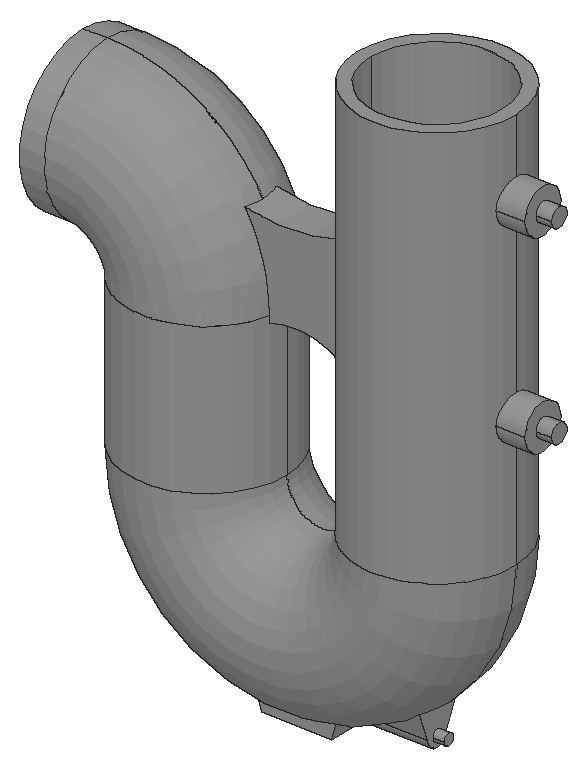
Revit family "MI-950", category Plumbing Fixtures, Revit 2013
Parameters (values of type "MI-953")
  material = Bronze
  d2 = D / 1.5  # 5' - 4"
  d1 = D * 0.65  # 5' - 2.4"
  URL = "www.mifab.com"
  Thickness of A = A * 1.2  # 1' - 9.6"
  Plug1 = d2 * 0.3  # 1' - 7.2"
  Plug 11 = d2 * 0.35  # 1' - 10.4"
  Plug 1' = A / 1.2  # 1' - 3"
  PLug 2 = A * 1.6  # 2' - 4.8"
  Model = "MI-950"
  Manufacturer = "Mifab"
  Hright of Plug = C * 0.09  # 0' - 5.67"
  E = 3' - 6"
  Description = "Deep seal trap"
  D12 = D * 0.31  # 2' - 5.76"
  D = 8' - 0"
  C1 = C * 0.85  # 4' - 5.55"
  C = 5' - 3"
  Body Material = Cast Iron
  B = 13' - 6"
  A = 1' - 6"
Types (4): name | d2 | d1 | Thickness of A | Plug1 | Plug 11 | Plug 1' | PLug 2 | Hright of Plug | E | D12 | D | C1 | C | B | A
  (no name) | 5' - 4" | 5' - 2.4" | 1' - 9.6" | 1' - 7.2" | 1' - 10.4" | 1' - 3" | 2' - 4.8" | 0' - 5.67" | 3' - 6" | 2' - 5.76" | 8' - 0" | 4' - 5.55" | 5' - 3" | 13' - 6" | 1' - 6"
  MI-952 | 4' - 4" | 4' - 2.7" | 1' - 2.4" | 1' - 3.6" | 1' - 6.2" | 0' - 10" | 1' - 7.2" | 0' - 5.4" | 2' - 9" | 2' - 0.18" | 6' - 6" | 4' - 3" | 5' - 0" | 10' - 6" | 1' - 0"
  MI-953 | 5' - 4" | 5' - 2.4" | 1' - 9.6" | 1' - 7.2" | 1' - 10.4" | 1' - 3" | 2' - 4.8" | 0' - 5.67" | 3' - 6" | 2' - 5.76" | 8' - 0" | 4' - 5.55" | 5' - 3" | 13' - 6" | 1' - 6"
  MI-954 | 6' - 8" | 6' - 6" | 2' - 4.8" | 2' - 0" | 2' - 4" | 1' - 8" | 3' - 2.4" | 0' - 7.29" | 4' - 3" | 3' - 1.2" | 10' - 0" | 5' - 8.85" | 6' - 9" | 15' - 3" | 2' - 0"
Reference planes (in)
  plane 1 "Center (Front/Back)": y = 0
  plane 2: z = 0
  plane 3 "Center (Left/Right)": x = 0
  plane 4: z = -42
  plane 5: z = -105
  plane 6: z = -162
  plane 7: x = 96
  plane 8: x = 33.6
  plane 9: x = 96
  plane 10: z = 123
  plane 11: x = 124.8
  plane 12: x = 64
  plane 13: y = 7.5
  plane 14: y = -7.5
  plane 15: z = -21
  plane 16: z = -73.5
  plane 17: x = 114
  plane 18: x = 78
  plane 19: x = 48.24
  plane 20: z = -73.5
  plane 21: z = -21
  plane 22: z = -73.5
  plane 23: z = -158.55
Forms (in)
  Sweep 1, solid, material "Cast Iron" <- "Body Material"
    path origin (0, 0, 0) x (1, 0, 0) y (0, 0, 1)
      loop
        line (0, -42) -> (6.65157, -42)
        arc (6.65157, -42) -> (25.70699, -49.89301) -> (33.6, -68.94843) r 26.94843
        line (33.6, -68.94843) -> (33.6, -109.64298)
        arc (33.6, -109.64298) -> (64.8, -140.84298) -> (96, -109.64298) r 31.2
        line (96, -109.64298) -> (96, 0)
    profile origin (3.32578, 0, -42) x (0, 0, 1) y (0, -1, 0)
      loop
        circle (0, 0) r 18
      loop
        circle (0, 0) r 21.6
  Extrusion 2, solid, material "Bronze" <- "material"
    sketch origin (0, 0, 0) x (1, 0, 0) y (0, 0, 1)
      loop
        line (54.4, -164.22) -> (73.6, -164.22) -> (75.2, -158.55) -> (52.8, -158.55) -> (54.4, -164.22)
    from -7.5 to 7.5
  Extrusion 3, solid, material "Bronze" <- "material"
    sketch origin (0, 0, 0) x (0, 1, 0) y (0, 0, 1)
      loop
        arc (-2.99997, -158.56382) -> (-0.00808, -161.54999) -> (2.99985, -158.57998) r 3
        line (2.99985, -158.57998) -> (10.6071, -142.90136) -> (-8.70064, -142.90136) -> (-2.99997, -158.56382)
    from 96 to 73.6
  Extrusion 4, solid, material "Bronze" <- "material"
    sketch origin (0, 0, 0) x (0, 1, 0) y (0, 0, 1)
      loop
        circle (0, -73.5) r 6
      loop
        circle (0, -21) r 6
      loop
        circle (0, -73.5) r 2.5
      loop
        circle (0, -21) r 2.5
    from 114 to 124.8
  Extrusion 5, solid, material "Cast Iron" <- "Body Material"
    sketch origin (0, 0, 0) x (1, 0, 0) y (0, 0, 1)
      loop
        arc (78, -42) -> (59.15225, -45.92765) -> (40.30451, -42) r 47.18647
        line (40.30451, -42) -> (45.80031, -73.5) -> (48.80031, -73.5)
        arc (48.80031, -73.5) -> (61.40015, -69.3612) -> (74, -73.5) r 21.24843
        line (74, -73.5) -> (78, -73.5) -> (78, -42)
    from -5.92559 to 5.18882
  Extrusion 6, solid, material "Bronze" <- "material"
    sketch origin (0, 0, 0) x (0, 1, 0) y (0, 0, 1)
      loop
        circle (0, -21) r 2.5
      loop
        circle (0, -73.5) r 2.5
    from 124.8 to 129.24936
  Extrusion 7, solid, material "Bronze" <- "material"
    sketch origin (0, 0, 0) x (0, 1, 0) y (0, 0, 1)
      loop
        circle (0, -158.55) r 1.5
    from 96 to 99.25596
Cuts and joins
  joined: Sweep 1, Extrusion 5
  joined: Extrusion 4, Extrusion 6
  joined: Extrusion 3, Extrusion 7
Dimensions and locks (in)
  "E": level to plane 4
  "C": plane 4 to plane 5
  "B": level to plane 6
  "D": plane 7 to plane 3 "Center (Left/Right)"
  "d1": plane 7 to plane 8
  "D": plane 9 to plane 3 "Center (Left/Right)"
  locked: plane 10 to level at 123
  "PLug 2": plane 11 to plane 9
  "d2": plane 12 to plane 3 "Center (Left/Right)"
  "C1": plane 5 to Extrusion 2
  equal spacing: Extrusion 2 sketch curve, plane 12, Extrusion 2 sketch curve  (x2)
  "Plug 11": Extrusion 2 sketch curve to Extrusion 2 sketch curve
  "Plug1": Extrusion 2 sketch curve to Extrusion 2 sketch curve
  "Hright of Plug": Extrusion 2 sketch curve to Extrusion 2 sketch curve
  equal spacing: plane 14, plane 1 "Center (Front/Back)", plane 13
  "Plug 1'": plane 14 to plane 13
  equal spacing: plane 4, plane 16, plane 5
  equal spacing: level, plane 15, plane 4
  "A": plane 17 to plane 9
  "D12": plane 18 to plane 19
  equal spacing: plane 4, plane 20, plane 5
  locked: Extrusion 6 to plane 11 at 4.44936  (x2)
  "C1": plane 5 to plane 23
  locked: Extrusion 7 to Extrusion 3 at 3.25596
  "A": radius of Sweep 1 sketch curve
  "Thickness of A": radius of Sweep 1 sketch curve
  aligned and locked: level to plane 2
  aligned and locked: Sweep 1 sketch curve to level
  aligned and locked: plane 7 to Sweep 1 sketch curve
  aligned and locked: profile plane to Sweep 1 sketch curve  (x3)
  aligned and locked: plane 4 to Sweep 1 sketch curve
  aligned and locked: Sweep 1 sketch curve to plane 4
  aligned and locked: Sweep 1 sketch curve to plane 8
  aligned and locked: plane 13 to Extrusion 2
  aligned and locked: Extrusion 2 to plane 14
  aligned and locked: Extrusion 2 to Extrusion 3
  aligned and locked: plane 16 to Extrusion 4 sketch curve  (x2)
  aligned and locked: plane 1 "Center (Front/Back)" to Extrusion 4 sketch curve  (x4)
  aligned and locked: plane 15 to Extrusion 4 sketch curve  (x2)
  aligned and locked: plane 11 to Extrusion 4
  aligned and locked: Extrusion 4 to plane 17
  aligned and locked: plane 18 to Sweep 1
  aligned and locked: Extrusion 5 sketch curve to plane 20
  aligned and locked: plane 9 to Extrusion 3
  aligned and locked: plane 21 to Extrusion 4
  aligned and locked: plane 22 to Extrusion 4
  aligned and locked: plane 1 "Center (Front/Back)" to Extrusion 6 sketch curve  (x2)
  aligned and locked: plane 21 to Extrusion 6 sketch curve
  aligned and locked: plane 22 to Extrusion 6 sketch curve
  aligned and locked: Extrusion 6 to Extrusion 4
  aligned and locked: plane 23 to Extrusion 3 sketch curve
  aligned and locked: plane 1 "Center (Front/Back)" to Extrusion 3 sketch curve
  aligned and locked: plane 1 "Center (Front/Back)" to Extrusion 7 sketch curve
  aligned and locked: plane 23 to Extrusion 7 sketch curve
  aligned and locked: Extrusion 7 to Extrusion 3
Automatic sketch dimensions
  Extrusion 3 sketch curve to plane 23 = 0' - 0.02998"
  plane 23 to Extrusion 3 sketch curve = 1' - 3.64864"
  Extrusion 3 sketch curve to plane 23 = 0' - 0.01382"
  Extrusion 3 sketch curve to Extrusion 3 sketch curve = 0' - 5.70067"
  Extrusion 3 sketch curve to Extrusion 3 sketch curve = 0' - 7.60725"
  Extrusion 3 sketch curve to Extrusion 3 sketch curve = 0' - 2.99997"
  plane 3 "Center (Left/Right)" to Sweep 1 sketch curve = 0' - 6.65157"
  Sweep 1 sketch curve to plane 5 = 0' - 4.64298"
  plane 3 "Center (Left/Right)" to Sweep 1 sketch curve = 0' - 0"
  Extrusion 2 sketch curve to plane 23 = 0' - 0"
  Extrusion 5 sketch curve to plane 4 = 0' - 0"  (x2)
  Extrusion 5 sketch curve to plane 20 = 0' - 0"
  Extrusion 5 sketch curve to plane 18 = 0' - 0"
  Extrusion 5 sketch curve to Extrusion 5 sketch curve = 0' - 4"
  plane 19 to Extrusion 5 sketch curve = 0' - 0.56031"
  Extrusion 5 sketch curve to plane 19 = 0' - 2.43969"
  Extrusion 5 sketch curve to plane 19 = 0' - 7.93549"
  plane 5 to Extrusion 5 sketch curve = 1' - 2.39037"
  level to Extrusion 5 sketch curve = 0' - 1.25882"
  radius of Extrusion 4 sketch curve = 0' - 6"  (x2)
  radius of Extrusion 4 sketch curve = 0' - 2 1/2"  (x2)
  radius of Extrusion 6 sketch curve = 0' - 2 1/2"  (x2)
  radius of Extrusion 7 sketch curve = 0' - 1 1/2"
